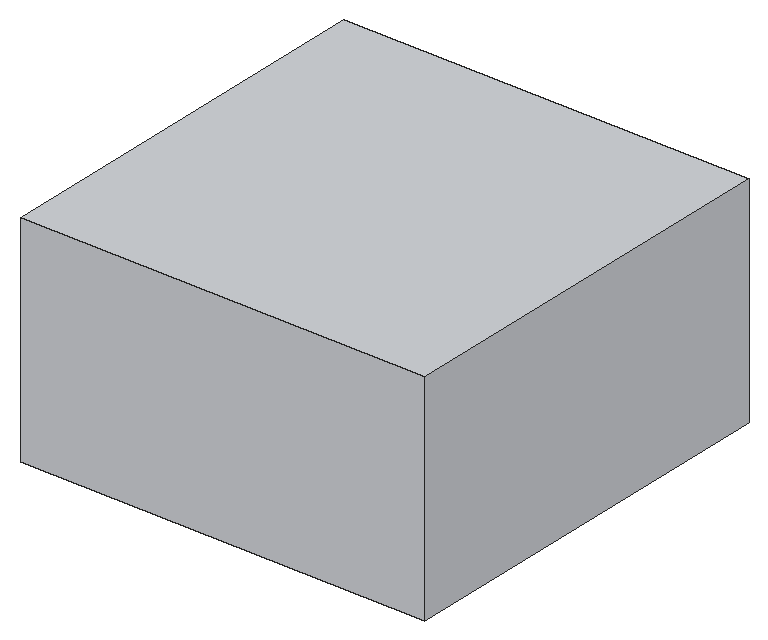
Revit family "XXX_ELT_Verteilerkasten", category Elektrische Ausstattung, Revit 2015
Parameters (values of type "100 Quadrat 480- 3")
  URL = ""
  Type Comments = ""
  Model = ""
  Manufacturer = ""
  Breite = 100 mm
  Spannung_x = 480 V
  Leistungsfaktor [instance] = 1
  Description = ""
  Keynote = ""
  Anzahl Pole = 3
  Lastklassifizierung = Strom
  Leistung [instance] = 500 VA
  Höhe = 100 mm
  Tiefe = 54 mm
Types (19, lengths in mm): name | Type Comments | Breite | Spannung_x | Anzahl Pole | Höhe | Tiefe
  100 Quadrat 120 - 1 | "" | 100 | 120 V | 1 | 100 | 54
  100 Quadrat 208 - 2 | "" | 100 | 208 V | 2 | 100 | 54
  100 Quadrat 208- 3 | "" | 100 | 208 V | 3 | 100 | 54
  100 Quadrat 277- 1 | "" | 100 | 277 V | 1 | 100 | 54
  100 Quadrat 480- 2 | "" | 100 | 480 V | 2 | 100 | 54
  100 Quadrat 480- 3 | "" | 100 | 480 V | 3 | 100 | 54
  200x400 Hausanschluss | "" | 200 | 120 V | 1 | 400 | 800
  Datenschrank/Telefon | "" | 500 | 120 V | 1 | 1250 | 1600
  Beleuchtungs-Tableau | "Beleuchtung-Tab." | 500 | 120 V | 1 | 500 | 500
  KNX-Tableau | "KNX-Tableau" | 200 | 120 V | 1 | 500 | 300
  Verteilung 1400x600 | "" | 600 | 120 V | 1 | 1400 | 600
  Verteilung 1100x300 | "" | 300 | 120 V | 1 | 1100 | 300
  Verteilung 1000x300 | "" | 300 | 120 V | 1 | 1000 | 300
  Verteilung 900x300 | "" | 300 | 120 V | 1 | 900 | 300
  Verteilung 1900x300 | "" | 300 | 120 V | 1 | 1900 | 300
  Verteilung 1200x300 | "" | 300 | 120 V | 1 | 1200 | 300
  Verteilung 600x300 | "" | 600 | 120 V | 1 | 300 | 300
  Verteilung 1400x300 | "" | 300 | 120 V | 1 | 1400 | 300
  Verteilung 500x300 | "" | 300 | 120 V | 1 | 500 | 300
Reference planes
  plane 1 "Mitte (Vorne/hinten)": y = 0
  plane 2: z = 0
  plane 3 "Mitte (Links/rechts)": x = 0
  plane 4: y = 50
  plane 5: y = -50
  plane 6: x = -50
  plane 7: x = 50
  plane 8: z = 54
Forms (mm)
  Extrusion 1, solid
    sketch origin (0, 0, 0) x (1, 0, 0) y (0, 1, 0)
      loop
        line (-50, 50) -> (-50, -50) -> (50, -50) -> (50, 50) -> (-50, 50)
    from 0 to 54
Lines and regions (mm)
  symbolic lines, style "Verteilerschränke Starkstrom"
    curve 1: line (-50, 50, 0) -> (50, 50, 0)
    curve 2: line (-50, -50, 0) -> (-50, 50, 0)
    curve 3: line (50, -50, 0) -> (-50, -50, 0)
    curve 4: line (50, 50, 0) -> (50, -50, 0)
Dimensions and locks
  equal spacing: plane 6, plane 3 "Mitte (Links/rechts)", plane 7
  equal spacing: plane 4, plane 1 "Mitte (Vorne/hinten)", plane 5
  "Höhe": plane 6 to plane 7
  "Breite": plane 4 to plane 5
  "Tiefe": level to plane 8
  aligned and locked: plane 6 to Extrusion 1 sketch curve
  aligned and locked: Extrusion 1 sketch curve to plane 4
  aligned and locked: plane 5 to Extrusion 1 sketch curve
  aligned and locked: plane 7 to Extrusion 1 sketch curve
  aligned and locked: plane 8 to Extrusion 1
  aligned and locked: plane 1 "Mitte (Vorne/hinten)" to nested 1
  aligned and locked: plane 3 "Mitte (Links/rechts)" to nested 1
Automatic sketch dimensions
  curve 3 to plane 5 = 0 mm
  curve 3 to plane 6 = 0 mm
  curve 3 to plane 7 = 0 mm
  curve 2 to plane 4 = 0 mm
Nested families
  nested 1: "M_Verteilerkastenbeschriftung" at (0, 0, 0), type "M_Verteilerkastenbeschriftung", not visible, detail levels coarse+medium
Connectors
  electrical at (0, 0, 54), driven by "Leistungsfaktor", driven by "Leistung", driven by "Spannung_x", driven by "Leistung", driven by "Anzahl Pole", driven by "Lastklassifizierung"
    settings: on Extrusion 1, index 1, voltage 480 V, apparent load 500 VA, apparent load phase1 500 VA, apparent load phase2 0 VA, apparent load phase3 0 VA, power factor 1, load classification "Strom", number of poles 3, system type 30, power factor state 1, is connector primary yes, connector utility no, sub classification motor no, connector description ""
Definition of nested family "M_Verteilerkastenbeschriftung"
  Parameters
    Beschriftung = "J"
  Reference planes
    plane 1: y = 0
    plane 2: x = 0
  Lines and regions (mm)
    detail lines
      curve 1: circle (0, 0, 0) r 2.381 normal (0, 0, 1)
  Text (mm)
    label "J" at (-0.674, -0.231, 0), shows "Beschriftung"
  Dimensions and locks
    aligned and locked: plane 1 to curve 1
    aligned and locked: plane 2 to curve 1
